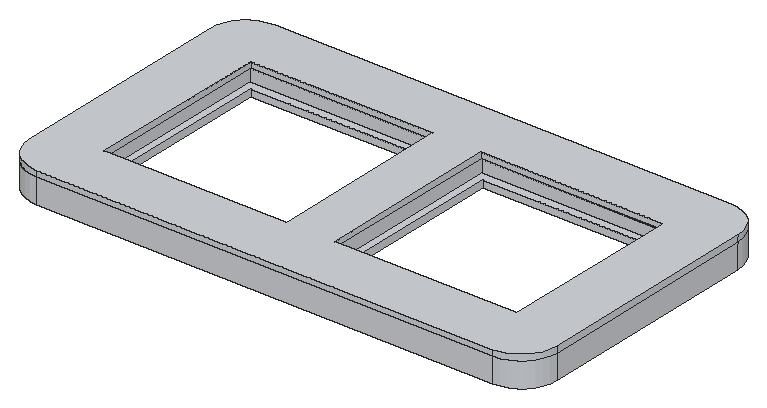
Revit family "Gira_0212413", category Electrical Fixtures, host Face, Revit 2017
Family settings
  Host = Face
  Maintain Annotation Orientation = No
  Round Connector Dimension = Use Diameter
  Part Type = Normal
  Cut with Voids When Loaded = No
  Shared = No
  Room Calculation Point = No
Parameters (values of type "Abdeckrahmen 2f Gira E3 Dklgrau/Reinweiß")
  Werkstoffgüte = "sonstige"
  Werkstoff = "sonstige"
  URL = "http://katalog.gira.de/de_DE/datenblatt.html?artikelnr=0212413"
  Transparent = "No"
  Textfeld/Beschriftungsfläche = "No"
  Schutzart (IP) = "IP20"
  Region = "DE"
  Oberfläche = "sonstige"
  Name = "Abdeckrahmen 2f Gira E3 Dklgrau/Reinweiß"
  Montagerichtung = "horizontal und vertikal"
  Mit Montagerahmen = "No"
  Mit Klappdeckel = "No"
  Manufacturer URL = "https://www.gira.de/"
  Keynote = "E3_Rahmen_2fach"
  HeinzeBIM = "https://bimportal.heinze.de/bim/abdeckrahmen-2f-gira-e3-dklgrau-reinweiss/13aca670d2df70120d1e1d47a9a3ca1c2d90aa23"
  Halogenfrei = "Yes"
  HAN = "0212413"
  Geeignet für Unterputz-Installation = "Yes"
  Geeignet für Unterflurkanaldose = "No"
  Geeignet für Geräteeinbaukanal = "No"
  Geeignet für Einbauinstallation = "No"
  GTIN = "4010337024033"
  Farbe = "grau"
  Default Elevation = 1219.2 mm
  Data sheet (1) = "https://katalog.gira.de/de_DE/download.html?artikelnr=0212413"
  Category = "Abdeckrahmen"
  Befestigungsart = "Klemmbefestigung"
  Available = "Yes"
  Anzahl der Einheiten vertikal = "2 "
  Anzahl der Einheiten horizontal = "2 "
  Anzahl der Einheiten = "2 "
Reference planes
  plane 1 "Center (Front/Back)": y = 0
  plane 2: z = 0
  plane 3 "Center (Left/Right)": x = 0
Forms (mm)
  Extrusion 1, solid, detail levels fine
    sketch origin (0, 0, 0) x (1, 0, 0) y (0, 1, 0)
      loop
        arc (-70.35, 45.809) -> (-78.134, 42.585) -> (-81.359, 34.8) r 11.009
        line (-81.359, 34.8) -> (-81.359, -34.8)
        arc (-81.359, -34.8) -> (-78.134, -42.585) -> (-70.35, -45.809) r 11.009
        line (-70.35, -45.809) -> (70.35, -45.809)
        arc (70.35, -45.809) -> (78.135, -42.585) -> (81.359, -34.8) r 11.009
        line (81.359, -34.8) -> (81.359, 34.8)
        arc (81.359, 34.8) -> (78.135, 42.585) -> (70.35, 45.809) r 11.009
        line (70.35, 45.809) -> (-70.35, 45.809)
      loop
        line (-7.45, 28.187) -> (-63.706, 28.187) -> (-63.706, -28.187) -> (-7.45, -28.187) -> (-7.45, 28.187)
      loop
        line (7.45, 28.187) -> (7.45, -28.187) -> (63.706, -28.187) -> (63.706, 28.187) -> (7.45, 28.187)
    from 7.65 to 9.5
  Extrusion 2, solid, detail levels fine
    sketch origin (-35.75, 0, 0) x (1, 0, 0) y (0, 1, 0)
      loop
        line (25.7, 25.7) -> (-25.7, 25.7) -> (-25.7, -25.7) -> (25.7, -25.7) -> (25.7, 25.7)
      loop
        line (-28.187, -28.156) -> (28.187, -28.156) -> (28.187, 28.156) -> (-28.187, 28.156) -> (-28.187, -28.156)
    from 1.65 to 3.9
  Extrusion 3, solid, detail levels fine
    sketch origin (0, 0, 0) x (1, 0, 0) y (0, 1, 0)
      loop
        arc (-70.35, 45.809) -> (-78.134, 42.585) -> (-81.359, 34.8) r 11.009
        line (-81.359, 34.8) -> (-81.359, -34.8)
        arc (-81.359, -34.8) -> (-78.134, -42.585) -> (-70.35, -45.809) r 11.009
        line (-70.35, -45.809) -> (70.35, -45.809)
        arc (70.35, -45.809) -> (78.135, -42.585) -> (81.359, -34.8) r 11.009
        line (81.359, -34.8) -> (81.359, 34.8)
        arc (81.359, 34.8) -> (78.135, 42.585) -> (70.35, 45.809) r 11.009
        line (70.35, 45.809) -> (-70.35, 45.809)
      loop
        line (-79.393, 34.785) -> (-79.393, -34.785)
        arc (-79.393, -34.785) -> (-76.739, -41.19) -> (-70.334, -43.843) r 9.058
        line (-70.334, -43.843) -> (70.335, -43.843)
        arc (70.335, -43.843) -> (76.74, -41.19) -> (79.393, -34.785) r 9.058
        line (79.393, -34.785) -> (79.393, 34.785)
        arc (79.393, 34.785) -> (76.74, 41.19) -> (70.335, 43.843) r 9.058
        line (70.335, 43.843) -> (-70.334, 43.843)
        arc (-70.334, 43.843) -> (-76.739, 41.19) -> (-79.393, 34.785) r 9.058
    from 0 to 7.65
  Extrusion 4, solid, detail levels fine
    sketch origin (0, 0, 0) x (1, 0, 0) y (0, 1, 0)
      loop
        line (-62.956, -31.075) -> (62.956, -31.075)
        arc (62.956, -31.075) -> (65.599, -29.98) -> (66.694, -27.337) r 3.739
        line (66.694, -27.337) -> (66.694, 27.337)
        arc (66.694, 27.337) -> (65.599, 29.98) -> (62.956, 31.075) r 3.739
        line (62.956, 31.075) -> (-62.956, 31.075)
        arc (-62.956, 31.075) -> (-65.599, 29.98) -> (-66.694, 27.337) r 3.739
        line (-66.694, 27.337) -> (-66.694, -27.337)
        arc (-66.694, -27.337) -> (-65.599, -29.98) -> (-62.956, -31.075) r 3.739
      loop
        line (-65.544, 27.537) -> (-65.544, -27.537)
        arc (-65.544, -27.537) -> (-64.845, -29.226) -> (-63.156, -29.925) r 2.389
        line (-63.156, -29.925) -> (63.156, -29.925)
        arc (63.156, -29.925) -> (64.845, -29.226) -> (65.544, -27.537) r 2.389
        line (65.544, -27.537) -> (65.544, 27.537)
        arc (65.544, 27.537) -> (64.845, 29.226) -> (63.156, 29.925) r 2.389
        line (63.156, 29.925) -> (-63.156, 29.925)
        arc (-63.156, 29.925) -> (-64.845, 29.226) -> (-65.544, 27.537) r 2.389
    from 1.65 to 7.65
  Extrusion 5, solid, detail levels fine
    sketch origin (0, 0, 0) x (1, 0, 0) y (0, 1, 0)
      loop
        line (-67.617, -39.8) -> (67.617, -39.8)
        arc (67.617, -39.8) -> (73.232, -36.708) -> (75.464, -30.7) r 9.2
        line (75.464, -30.7) -> (75.464, 30.7)
        arc (75.464, 30.7) -> (72.77, 37.205) -> (66.264, 39.9) r 9.2
        line (66.264, 39.9) -> (-66.264, 39.9)
        arc (-66.264, 39.9) -> (-72.77, 37.205) -> (-75.464, 30.7) r 9.2
        line (-75.464, 30.7) -> (-75.464, -30.7)
        arc (-75.464, -30.7) -> (-73.232, -36.708) -> (-67.617, -39.8) r 9.2
      loop
        line (-66.264, -31.7) -> (66.264, -31.7)
        arc (66.264, -31.7) -> (66.972, -31.407) -> (67.264, -30.7) r 1
        line (67.264, -30.7) -> (67.264, 30.7)
        arc (67.264, 30.7) -> (66.972, 31.407) -> (66.264, 31.7) r 1
        line (66.264, 31.7) -> (-66.264, 31.7)
        arc (-66.264, 31.7) -> (-66.972, 31.407) -> (-67.264, 30.7) r 1
        line (-67.264, 30.7) -> (-67.264, -30.7)
        arc (-67.264, -30.7) -> (-66.972, -31.407) -> (-66.264, -31.7) r 1
    from 1.65 to 3.9
  Extrusion 6, solid, detail levels fine
    sketch origin (-35.75, 0, 0) x (1, 0, 0) y (0, 1, 0)
      loop
        line (-28.187, 28.156) -> (-28.187, -28.156) -> (28.187, -28.156) -> (28.187, 28.156) -> (-28.187, 28.156)
      loop
        line (-29.925, 29.925) -> (-29.925, -29.925) -> (29.925, -29.925) -> (29.925, 29.925) -> (-29.925, 29.925)
    from 1.65 to 7.65
  Extrusion 7, solid, detail levels coarse+medium
    sketch origin (0, 0, 0) x (1, 0, 0) y (0, 1, 0)
      loop
        line (-81.359, 45.809) -> (-81.359, -45.809) -> (81.359, -45.809) -> (81.359, 45.809) -> (-81.359, 45.809)
    from 0 to 9.5
  Extrusion 8, solid, detail levels fine
    sketch origin (35.75, 0, 0) x (-1, 0, 0) y (0, -1, 0)
      loop
        line (25.7, -25.7) -> (25.7, 25.7) -> (-25.7, 25.7) -> (-25.7, -25.7) -> (25.7, -25.7)
      loop
        line (-28.187, 28.156) -> (-28.187, -28.156) -> (28.187, -28.156) -> (28.187, 28.156) -> (-28.187, 28.156)
    from 1.65 to 3.9
  Extrusion 9, solid, detail levels fine
    sketch origin (35.75, 0, 0) x (-1, 0, 0) y (0, -1, 0)
      loop
        line (-28.187, -28.156) -> (28.187, -28.156) -> (28.187, 28.156) -> (-28.187, 28.156) -> (-28.187, -28.156)
      loop
        line (-29.925, -29.925) -> (29.925, -29.925) -> (29.925, 29.925) -> (-29.925, 29.925) -> (-29.925, -29.925)
    from 1.65 to 7.65
Dimensions and locks
  aligned and locked: plane 2 to host face
  aligned and locked: level to host face
